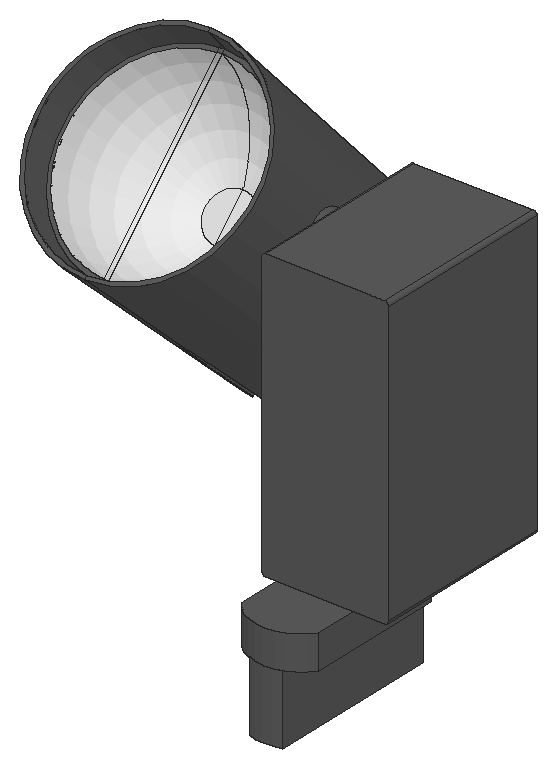
Revit family "0004836 Feilo Sylvania Lighting Fixture START TRACK SPOT S 14W 3K RA80 MB BLACK", category Lighting Fixtures, host Face, Revit 2017
Family settings
  Host = Face
  Round Connector Dimension = Use Diameter
  Part Type = Normal
  OmniClass Number = 23.80.70.00
  OmniClass Title = Lighting
  Cut with Voids When Loaded = No
  Light Source = No
  Shared = No
  Room Calculation Point = No
Parameters (values of type "0004836 START TRACK SPOT S 14W 3K RA80 MB BLACK")
  Weight = "0.94 kg"
  Wattage Comments = ""
  WarrantyStartDate [instance] = "n/a"
  WarrantyGuarantorParts = "n/a"
  WarrantyDurationUnit = "n/a"
  WarrantyDurationParts = "n/a"
  WarrantyDescription = "n/a"
  Voltage = 230 V
  URL = "http://www.sylvania-lighting.com"
  TypeName = "START TRACK SPOT S 14W 3K RA80 MB BLACK"
  TypeHead_FEILO = Start Track Spot Head : 0004836 START TRACK SPOT S 14W 3K RA80 MB BLACK
  TypeBox_FEILO = Start Track Spot Box : Type Small Black
  Type Image = <None>
  Type Comments = "n/a"
  VerticalRotation_FEILO [instance] = 0.00°
  SlideEndAngle_FEILO [instance] = VerticalRotation_FEILO + 180.00°  # 180.00°
  SerialNumber [instance] = "n/a"
  Material_3_FEILO = none
  PowerFactor = 0.92
  PowerConsumption = "14 W"
  NominalLength = 0 mm
  NominalHeight = 200 mm
  NominalDepth = 140 mm
  Name = "START TRACK SPOT S 14W 3K RA80 MB BLACK"
  ModelReference = Name  # "START TRACK SPOT S 14W 3K RA80 MB BLACK"
  ModelNumber = "0004836"
  Model = Name  # "START TRACK SPOT S 14W 3K RA80 MB BLACK"
  Material = "adc12 aluminium housing, polycarbonate diffuser"
  ManufacturerName = "Feilo Sylvania"
  Manufacturer = "Feilo Sylvania"
  LuminousEfficacy = "108 lm/W"
  LuminaireType = ""
  LightOutputRatio = "100"
  LampsType = Lamp  # "LED"
  LampNominalLuminous = "1508 lm"
  LampMacAdamStep = "3"
  LampColourTemperature = "3000 K"
  LampColourRenderingIndex = "80"
  Lamp = "LED"
  Keynote = "16500"
  InstallationDate [instance] = "n/a"
  InputVoltage = "230-240V~"
  InputNominalFrequency = "50/60 Hz"
  IngressProtection = "IP20"
  ImpactProtectionIndex = "IK02"
  IfcExportType = "IfcLightFixtureType"
  IfcExportAs = "IfcLightFixtureType"
  HorizontalRotation_FEILO [instance] = 45.00°
  ExpectedLife = 50000
  ElectricShockClassification = "Class II"
  DurationUnit = "hours"
  DocumentationLiterature = "http://www.sylvania-lighting.com/product/en-int/products/0004836"
  DimmingControlOptions = "Non dimmable"
  Material_2_FEILO = none
  Description = "Integrated LED spotlight, Textured Black - RAL9005, compact and minimalist design, ideal for retail applications, die-cast aluminium body, passive cooling heatsink. Beam angle: 36°, color temperature: 3000K , total system power: 14W, total fixture output: 1508 lm, LOR: 100%, colour rendering: Ra: 80 typical, LED Chromaticity: 3 step MacAdam ellipse, lifetime: >50000 hours at L70B50, energy class: A++, A+, A, IR/UV free light source without heat radiation, operating voltage: 220-240V / 50-60Hz, drive current: 350mA, electronic driver, non-dimmable, power factor: 0.92, electrical protection: Class II, Global Track 3 Phase adapter suitable for Global trac 3-circuit tracks, ingress protection rating: IP20, suitable for internal environment only, horizontal rotation: 355°, vertical tilt: 90°, dimensions: Ø86x140x200, weight: 0.940kg."
  Default Elevation = 1219.2 mm
  CreatedOn = "12/12/2017"
  CreatedBy = ""
  Cost = 0
  built-in parameter 1114216 [instance] = (empty or 0)
  ClassificationValue = "EF_70_80"
  ClassificationName = "Uniclass2015"
  Material_1_FEILO = Body-Sylvania-StartTrackSpot-Black
  BarCode [instance] = "n/a"
  AssetType = "Fixed"
  AssetIdentifier [instance] = "n/a"
  Assembly Code = "D5020200"
  Apparent Load = 14 VA
  Material_4_FEILO = none
Reference planes
  plane 1 "Center (Front/Back)": y = 0
  plane 2: z = 0
  plane 3 "Center (Left/Right)": x = 0
  plane 4: x = 15
  plane 5: x = -15
  plane 6: y = 35
  plane 7: y = -35
  plane 8: z = 13
  plane 9: z = -27
  plane 10: x = 6.5
  plane 11: x = -6.5
  plane 12: y = 27
  plane 13: y = -27
  plane 14: y = 20
Forms (mm)
  Extrusion 1, solid, material "Body-Sylvania-StartTrackSpot-Black" <- "Material_1_FEILO"
    sketch origin (0, 0, 0) x (1, 0, 0) y (0, 1, 0)
      loop
        line (-15, 27) -> (-15, -27)
        arc (-15, -27) -> (0, -35) -> (15, -27) r 18.062
        line (15, -27) -> (15, 27)
        arc (15, 27) -> (0, 35) -> (-15, 27) r 18.062
    from 0 to 13
  Extrusion 2, solid, material "Body-Sylvania-StartTrackSpot-Black" <- "Material_1_FEILO"
    sketch origin (0, 0, 0) x (1, 0, 0) y (0, 1, 0)
      loop
        arc (6.5, 33.79) -> (0, 35) -> (-6.5, 33.79) r 18.062
        line (-6.5, 33.79) -> (-6.5, -33.79)
        arc (-6.5, -33.79) -> (0, -35) -> (6.5, -33.79) r 18.062
        line (6.5, -33.79) -> (6.5, 33.79)
    from 0 to -27
  Revolve 3, solid, not visible
    sketch origin (1524, 20, 1219.2) x (1, 0, 0) y (0, 0, 1)
      loop
        line (-1524, -1206.2) -> (-1524, -1191.285) -> (-1530.5, -1191.285) -> (-1530.5, -1206.2) -> (-1524, -1206.2)
      axis (-1524, -1191.285) -> (-1524, -1206.2)
    angle from 0 <- "VerticalRotation_FEILO" to 180 <- "SlideEndAngle_FEILO"
Cuts and joins
  joined: Extrusion 1, Extrusion 2
Dimensions and locks
  equal spacing: plane 10, plane 3 "Center (Left/Right)", plane 11
  equal spacing: plane 4, plane 3 "Center (Left/Right)", plane 5
  locked: plane 8 to plane 2 at 13
  locked: plane 8 to plane 9 at 40
  equal spacing: plane 13, plane 1 "Center (Front/Back)", plane 12
  locked: plane 12 to plane 6 at 8
  locked: plane 14 to plane 6 at 15
  locked: Revolve 3 sketch curve to plane 8 at 14.915
  aligned and locked: plane 2 to host face
  aligned and locked: level to host face
  aligned and locked: plane 5 to Extrusion 1 sketch curve  (x2)
  aligned and locked: plane 12 to Extrusion 1 sketch curve
  aligned and locked: plane 13 to Extrusion 1 sketch curve
  aligned and locked: plane 4 to Extrusion 1 sketch curve
  aligned and locked: Extrusion 1 to plane 8
  aligned and locked: Extrusion 1 to level
  aligned and locked: Extrusion 2 sketch curve to Extrusion 1  (x2)
  aligned and locked: Extrusion 2 sketch curve to plane 11
  aligned and locked: plane 10 to Extrusion 2 sketch curve
  aligned and locked: plane 9 to Extrusion 2
  aligned and locked: level to Extrusion 2
  aligned and locked: Revolve 3 sketch curve to plane 3 "Center (Left/Right)"  (x2)
  aligned and locked: plane 11 to Revolve 3 sketch curve
  aligned and locked: Revolve 3 sketch curve to plane 8
Automatic sketch dimensions
  host sketch curve to host sketch curve = 2438.4 mm  (x2)
  Extrusion 1 sketch curve to plane 3 "Center (Left/Right)" = 0 mm  (x2)
  Extrusion 1 sketch curve to plane 13 = 10.062 mm
  plane 12 to Extrusion 1 sketch curve = 10.062 mm
  Revolve 3 sketch curve to plane 3 "Center (Left/Right)" = 0 mm
  plane 9 to Revolve 3 sketch curve = 582.6 mm
  Revolve 3 sketch curve to Revolve 3 sketch curve = 2581.144 mm
Nested families
  nested 1: "Start Track Spot Head" at (-62, 20, 112.529) x (0, 0.7071, 0.7071) z (0, 0.7071, -0.7071), type <- "TypeHead_FEILO", type "0004836 START TRACK SPOT S 14W 3K RA80 MB BLACK"
    with built-in parameter 1114216 (empty or 0)
  nested 2: "Start Track Spot Box" at (8.5, 20, 73) x (-1, 0, 0) z (0, -1, 0), BoxStartAngle_FEILO <- "HorizontalRotation_FEILO", type <- "TypeBox_FEILO", type "Type Small Black"
    with BoxStartAngle_FEILO 45.00°, BoxEndAngle_FEILO -135.00°
Connectors
  electrical at (0, 0, 0), driven by "Apparent Load", driven by "PowerFactor", driven by "Voltage"
    settings: index 1, voltage 230 V, apparent load 14 VA, apparent load phase1 0 VA, apparent load phase2 0 VA, apparent load phase3 0 VA, power factor 0.92, load classification "Lighting", number of poles 1, system type 30, power factor state 1, is connector primary yes, connector utility no, sub classification motor no, connector description ""
Definition of nested family "Start Track Spot Head"
  Parameters (values of type "0004811 START TRACK SPOT S 14W 3K RA80 NB WHITE")
    Wattage Comments = "n/a"
    Wattage = 14 W
    built-in parameter 1150110 = 1 (stored number, unit not read)
    URL = "http://www.feilosylvania.com"
    Type Image = (empty or 0)
    Type Comments = "n/a"
    built-in parameter 1114217 = 1 (stored number, unit not read)
    Tilt Angle = -90.00°
    built-in parameter 1150109 = 1 (stored number, unit not read)
    built-in parameter 1150134 = (empty or 0)
    built-in parameter 1150113 = 1 (stored number, unit not read)
    Photometric Web File = "0004811.ies"
    Material_3_FEILO = none
    Model = "START TRACK SPOT S 14W 3K RA80 NB WHITE"
    Manufacturer = "Feilo Sylvania"
    built-in parameter 1150105 = 123.66 (stored number, unit not read)
    Lumens = 1554 lm
    built-in parameter 1150115 = 1 (stored number, unit not read)
    built-in parameter 1150137 = (empty or 0)
    built-in parameter 1150139 = (empty or 0)
    built-in parameter 1150112 = 1 (stored number, unit not read)
    built-in parameter 1150114 = 1 (stored number, unit not read)
    Lamp = "LED"
    Keynote = "16500"
    Material_2_FEILO = none
    built-in parameter 1150132 = (empty or 0)
    built-in parameter 1150102 = (empty or 0)
    built-in parameter 1150107 = 3000 (stored number, unit not read)
    built-in parameter 1150138 = (empty or 0)
    built-in parameter 1150106 = 1.2366 (stored number, unit not read)
    HeadThickness_FEILO = if(HeadDiaOut_FEILO > 112 mm, 2 mm, 1.5 mm)  # 1.5 mm
    HeadRibOffset_FEILO = HeadHeight_FEILO / 28  # 4.179 mm
    HeadRibDepth_FEILO = HeadHeight_FEILO / 2.1  # 55.714 mm
    HeadRibCutWidth_FEILO = HeadDiaOut_FEILO / 12  # 7.167 mm
    HeadRibCutOffset_FEILO = HeadHeight_FEILO / 2.3  # 50.87 mm
    HeadReflectorRadius_FEILO = HeadDiaOut_FEILO / 1.7  # 50.588 mm
    HeadReflectorOffset_FEILO = HeadHeight_FEILO / 2.1  # 55.714 mm
    HeadLEDRadius_FEILO = HeadDiaOut_FEILO / 9  # 9.556 mm
    HeadHeight_FEILO = 117 mm
    HeadDraft_FEILO = 1 mm
    HeadDiffusorThickness_FEILO = 3 mm
    HeadDiffusorOffset_FEILO = HeadHeight_FEILO / 12.4  # 9.435 mm
    HeadDiaOut_FEILO = 86 mm
    HeadDiaIn_FEILO = HeadDiaOut_FEILO / 1.11  # 77.477 mm
    HeadAxisFromTop_FEILO = HeadHeight_FEILO / 1.687  # 69.354 mm
    Emit from Circle Diameter = HeadDiaIn_FEILO  # 77.477 mm
    Emit Shape Visible in Rendering = no
    built-in parameter 1150104 = 10.312 (stored number, unit not read)
    Dimming Lamp Color Temperature Shift = (empty or 0)
    Description = "Integrated LED spotlight, Textured White - RAL9016, compact and minimalist design, ideal for retail applications, die-cast aluminium body, passive cooling heatsink. Beam angle: 12°, color temperature: 3000K , total system power: 14W, total fixture output: 1551 lm, LOR: 100%, colour rendering: Ra: 80 typical, LED Chromaticity: 3 step MacAdam ellipse, lifetime: >50000 hours at L70B50, energy class: A++, A+, A, IR/UV free light source without heat radiation, operating voltage: 220-240V / 50-60Hz, drive current: 350mA, electronic driver, non-dimmable, power factor: 0.92, electrical protection: Class II, Global Track 3 Phase adapter suitable for Global trac 3-circuit tracks, ingress protection rating: IP20, suitable for internal environment only, horizontal rotation: 355°, vertical tilt: 90°, dimensions: Ø86x140x200, weight: 0.940kg."
    Default Elevation = 1219.2 mm
    Cost = 0
    Color Filter = 16777215
    built-in parameter 1114216 [instance] = (empty or 0)
    Material_1_FEILO = none
    built-in parameter 1114218 = 1 (stored number, unit not read)
    built-in parameter 1150133 = 10 (stored number, unit not read)
    Assembly Code = "D5020200"
    Apparent Load = 14 VA
    Material_4_FEILO = none
  Types (96, lengths in mm): name | Wattage | built-in parameter 1150134 | Photometric Web File | Model | built-in parameter 1150105 | Lumens | built-in parameter 1150107 | built-in parameter 1150106 | HeadThickness_FEILO | HeadRibOffset_FEILO | HeadRibDepth_FEILO | HeadRibCutWidth_FEILO | HeadRibCutOffset_FEILO | HeadReflectorRadius_FEILO | HeadReflectorOffset_FEILO | HeadLEDRadius_FEILO | HeadHeight_FEILO | HeadDiffusorOffset_FEILO | HeadDiaOut_FEILO | HeadDiaIn_FEILO | HeadAxisFromTop_FEILO | Emit from Circle Diameter | built-in parameter 1150104 | Description | Apparent Load
    0004906 START TRACK SPOT L 55W 4K RA90 WB BLACK | 55 W | 12 | "0004906.ies" | "START TRACK SPOT L 55W 4K RA90 WB BLACK" | 385.15 (stored number, unit not read) | 4840 lm | 4000 (stored number, unit not read) | 3.8515 (stored number, unit not read) | 2 | 4.429 | 59.048 | 9.417 | 53.913 | 66.471 | 59.048 | 12.556 | 124 | 10 | 113 | 101.802 | 73.503 | 101.802 | 8.1755 (stored number, unit not read) | "Integrated LED spotlight, Textured Black - RAL9005, compact and minimalist design, ideal for retail applications, die-cast aluminium body, passive cooling heatsink. Beam angle: 52°, color temperature: 4000K , total system power: 55W, total fixture output: 4824 lm, LOR: 100%, colour rendering: Ra: 90 typical, LED Chromaticity: 3 step MacAdam ellipse, lifetime: >50000 hours at L70B50, energy class: A++, A+, A, IR/UV free light source without heat radiation, operating voltage: 220-240V / 50-60Hz, drive current: 1400mA, electronic driver, non-dimmable, power factor: 0.96, electrical protection: Class II, Global Track 3 Phase adapter suitable for Global trac 3-circuit tracks, ingress protection rating: IP20, suitable for internal environment only, horizontal rotation: 355°, vertical tilt: 90°, dimensions: Ø113x164x240, weight: 1.398kg." | 55 VA
    0004905 START TRACK SPOT L 55W 4K RA90 MB BLACK | 55 W | 12 | "0004905.ies" | "START TRACK SPOT L 55W 4K RA90 MB BLACK" | 389.53 (stored number, unit not read) | 4895 lm | 4000 (stored number, unit not read) | 3.8953 (stored number, unit not read) | 2 | 4.429 | 59.048 | 9.417 | 53.913 | 66.471 | 59.048 | 12.556 | 124 | 10 | 113 | 101.802 | 73.503 | 101.802 | 8.2684 (stored number, unit not read) | "Integrated LED spotlight, Textured Black - RAL9005, compact and minimalist design, ideal for retail applications, die-cast aluminium body, passive cooling heatsink. Beam angle: 38°, color temperature: 4000K , total system power: 55W, total fixture output: 4897 lm, LOR: 100%, colour rendering: Ra: 90 typical, LED Chromaticity: 3 step MacAdam ellipse, lifetime: >50000 hours at L70B50, energy class: A++, A+, A, IR/UV free light source without heat radiation, operating voltage: 220-240V / 50-60Hz, drive current: 1400mA, electronic driver, non-dimmable, power factor: 0.96, electrical protection: Class II, Global Track 3 Phase adapter suitable for Global trac 3-circuit tracks, ingress protection rating: IP20, suitable for internal environment only, horizontal rotation: 355°, vertical tilt: 90°, dimensions: Ø113x164x240, weight: 1.398kg." | 55 VA
    0004904 START TRACK SPOT L 55W 4K RA90 NB BLACK | 55 W | 12 | "0004904.ies" | "START TRACK SPOT L 55W 4K RA90 NB BLACK" | 393.91 (stored number, unit not read) | 4950 lm | 4000 (stored number, unit not read) | 3.9391 (stored number, unit not read) | 2 | 4.429 | 59.048 | 9.417 | 53.913 | 66.471 | 59.048 | 12.556 | 124 | 10 | 113 | 101.802 | 73.503 | 101.802 | 8.3613 (stored number, unit not read) | "Integrated LED spotlight, Textured Black - RAL9005, compact and minimalist design, ideal for retail applications, die-cast aluminium body, passive cooling heatsink. Beam angle: 15°, color temperature: 4000K , total system power: 55W, total fixture output: 4965 lm, LOR: 100%, colour rendering: Ra: 90 typical, LED Chromaticity: 3 step MacAdam ellipse, lifetime: >50000 hours at L70B50, energy class: A++, A+, A, IR/UV free light source without heat radiation, operating voltage: 220-240V / 50-60Hz, drive current: 1400mA, electronic driver, non-dimmable, power factor: 0.96, electrical protection: Class II, Global Track 3 Phase adapter suitable for Global trac 3-circuit tracks, ingress protection rating: IP20, suitable for internal environment only, horizontal rotation: 355°, vertical tilt: 90°, dimensions: Ø113x164x240, weight: 1.398kg." | 55 VA
    0004903 START TRACK SPOT L 35W 4K RA90 WB BLACK | 35 W | 12 | "0004903.ies" | "START TRACK SPOT L 35W 4K RA90 WB BLACK" | 284.09 (stored number, unit not read) | 3570 lm | 4000 (stored number, unit not read) | 2.8409 (stored number, unit not read) | 2 | 4.429 | 59.048 | 9.417 | 53.913 | 66.471 | 59.048 | 12.556 | 124 | 10 | 113 | 101.802 | 73.503 | 101.802 | 9.4761 (stored number, unit not read) | "Integrated LED spotlight, Textured Black - RAL9005, compact and minimalist design, ideal for retail applications, die-cast aluminium body, passive cooling heatsink. Beam angle: 52°, color temperature: 4000K , total system power: 35W, total fixture output: 3562 lm, LOR: 100%, colour rendering: Ra: 90 typical, LED Chromaticity: 3 step MacAdam ellipse, lifetime: >50000 hours at L70B50, energy class: A++, A+, A, IR/UV free light source without heat radiation, operating voltage: 220-240V / 50-60Hz, drive current: 900mA, electronic driver, non-dimmable, power factor: 0.93, electrical protection: Class II, Global Track 3 Phase adapter suitable for Global trac 3-circuit tracks, ingress protection rating: IP20, suitable for internal environment only, horizontal rotation: 355°, vertical tilt: 90°, dimensions: Ø113x164x240, weight: 1.368kg." | 35 VA
    0004902 START TRACK SPOT L 35W 4K RA90 MB BLACK | 35 W | 12 | "0004902.ies" | "START TRACK SPOT L 35W 4K RA90 MB BLACK" | 286.88 (stored number, unit not read) | 3605 lm | 4000 (stored number, unit not read) | 2.8688 (stored number, unit not read) | 2 | 4.429 | 59.048 | 9.417 | 53.913 | 66.471 | 59.048 | 12.556 | 124 | 10 | 113 | 101.802 | 73.503 | 101.802 | 9.569 (stored number, unit not read) | "Integrated LED spotlight, Textured Black - RAL9005, compact and minimalist design, ideal for retail applications, die-cast aluminium body, passive cooling heatsink. Beam angle: 38°, color temperature: 4000K , total system power: 35W, total fixture output: 3616 lm, LOR: 100%, colour rendering: Ra: 90 typical, LED Chromaticity: 3 step MacAdam ellipse, lifetime: >50000 hours at L70B50, energy class: A++, A+, A, IR/UV free light source without heat radiation, operating voltage: 220-240V / 50-60Hz, drive current: 900mA, electronic driver, non-dimmable, power factor: 0.93, electrical protection: Class II, Global Track 3 Phase adapter suitable for Global trac 3-circuit tracks, ingress protection rating: IP20, suitable for internal environment only, horizontal rotation: 355°, vertical tilt: 90°, dimensions: Ø113x164x240, weight: 1.368kg." | 35 VA
    0004901 START TRACK SPOT L 35W 4K RA90 NB BLACK | 35 W | 12 | "0004901.ies" | "START TRACK SPOT L 35W 4K RA90 NB BLACK" | 286.88 (stored number, unit not read) | 3605 lm | 4000 (stored number, unit not read) | 2.8688 (stored number, unit not read) | 2 | 4.429 | 59.048 | 9.417 | 53.913 | 66.471 | 59.048 | 12.556 | 124 | 10 | 113 | 101.802 | 73.503 | 101.802 | 9.569 (stored number, unit not read) | "Integrated LED spotlight, Textured Black - RAL9005, compact and minimalist design, ideal for retail applications, die-cast aluminium body, passive cooling heatsink. Beam angle: 15°, color temperature: 4000K , total system power: 35W, total fixture output: 3593 lm, LOR: 100%, colour rendering: Ra: 90 typical, LED Chromaticity: 3 step MacAdam ellipse, lifetime: >50000 hours at L70B50, energy class: A++, A+, A, IR/UV free light source without heat radiation, operating voltage: 220-240V / 50-60Hz, drive current: 900mA, electronic driver, non-dimmable, power factor: 0.93, electrical protection: Class II, Global Track 3 Phase adapter suitable for Global trac 3-circuit tracks, ingress protection rating: IP20, suitable for internal environment only, horizontal rotation: 355°, vertical tilt: 90°, dimensions: Ø113x164x240, weight: 1.368kg." | 35 VA
    0004900 START TRACK SPOT S 24W 4K RA90 WB BLACK | 24 W | 12 | "0004900.ies" | "START TRACK SPOT S 24W 4K RA90 WB BLACK" | 166.16 (stored number, unit not read) | 2088 lm | 4000 (stored number, unit not read) | 1.6616 (stored number, unit not read) | 1.5 | 4.179 | 55.714 | 7.167 | 50.87 | 50.588 | 55.714 | 9.556 | 117 | 9.435 | 86 | 77.477 | 69.354 | 77.477 | 8.0826 (stored number, unit not read) | "Integrated LED spotlight, Textured Black - RAL9005, compact and minimalist design, ideal for retail applications, die-cast aluminium body, passive cooling heatsink. Beam angle: 64°, color temperature: 4000K , total system power: 24W, total fixture output: 2087 lm, LOR: 100%, colour rendering: Ra: 90 typical, LED Chromaticity: 3 step MacAdam ellipse, lifetime: >50000 hours at L70B50, energy class: A++, A+, A, IR/UV free light source without heat radiation, operating voltage: 220-240V / 50-60Hz, drive current: 600mA, electronic driver, non-dimmable, power factor: 0.95, electrical protection: Class II, Global Track 3 Phase adapter suitable for Global trac 3-circuit tracks, ingress protection rating: IP20, suitable for internal environment only, horizontal rotation: 355°, vertical tilt: 90°, dimensions: Ø86x140x200, weight: 0.966kg." | 24 VA
    0004899 START TRACK SPOT S 24W 4K RA90 MB BLACK | 24 W | 12 | "0004899.ies" | "START TRACK SPOT S 24W 4K RA90 MB BLACK" | 169.98 (stored number, unit not read) | 2136 lm | 4000 (stored number, unit not read) | 1.6998 (stored number, unit not read) | 1.5 | 4.179 | 55.714 | 7.167 | 50.87 | 50.588 | 55.714 | 9.556 | 117 | 9.435 | 86 | 77.477 | 69.354 | 77.477 | 8.2684 (stored number, unit not read) | "Integrated LED spotlight, Textured Black - RAL9005, compact and minimalist design, ideal for retail applications, die-cast aluminium body, passive cooling heatsink. Beam angle: 36°, color temperature: 4000K , total system power: 24W, total fixture output: 2141 lm, LOR: 100%, colour rendering: Ra: 90 typical, LED Chromaticity: 3 step MacAdam ellipse, lifetime: >50000 hours at L70B50, energy class: A++, A+, A, IR/UV free light source without heat radiation, operating voltage: 220-240V / 50-60Hz, drive current: 600mA, electronic driver, non-dimmable, power factor: 0.95, electrical protection: Class II, Global Track 3 Phase adapter suitable for Global trac 3-circuit tracks, ingress protection rating: IP20, suitable for internal environment only, horizontal rotation: 355°, vertical tilt: 90°, dimensions: Ø86x140x200, weight: 0.966kg." | 24 VA
    0004898 START TRACK SPOT S 24W 4K RA90 NB BLACK | 24 W | 12 | "0004898.ies" | "START TRACK SPOT S 24W 4K RA90 NB BLACK" | 171.89 (stored number, unit not read) | 2160 lm | 4000 (stored number, unit not read) | 1.7189 (stored number, unit not read) | 1.5 | 4.179 | 55.714 | 7.167 | 50.87 | 50.588 | 55.714 | 9.556 | 117 | 9.435 | 86 | 77.477 | 69.354 | 77.477 | 8.3613 (stored number, unit not read) | "Integrated LED spotlight, Textured Black - RAL9005, compact and minimalist design, ideal for retail applications, die-cast aluminium body, passive cooling heatsink. Beam angle: 12°, color temperature: 4000K , total system power: 24W, total fixture output: 2155 lm, LOR: 100%, colour rendering: Ra: 90 typical, LED Chromaticity: 3 step MacAdam ellipse, lifetime: >50000 hours at L70B50, energy class: A++, A+, A, IR/UV free light source without heat radiation, operating voltage: 220-240V / 50-60Hz, drive current: 600mA, electronic driver, non-dimmable, power factor: 0.95, electrical protection: Class II, Global Track 3 Phase adapter suitable for Global trac 3-circuit tracks, ingress protection rating: IP20, suitable for internal environment only, horizontal rotation: 355°, vertical tilt: 90°, dimensions: Ø86x140x200, weight: 0.966kg." | 24 VA
    0004897 START TRACK SPOT S 14W 4K RA90 WB BLACK | 14 W | 12 | "0004897.ies" | "START TRACK SPOT S 14W 4K RA90 WB BLACK" | 108.07 (stored number, unit not read) | 1358 lm | 4000 (stored number, unit not read) | 1.0807 (stored number, unit not read) | 1.5 | 4.179 | 55.714 | 7.167 | 50.87 | 50.588 | 55.714 | 9.556 | 117 | 9.435 | 86 | 77.477 | 69.354 | 77.477 | 9.0116 (stored number, unit not read) | "Integrated LED spotlight, Textured Black - RAL9005, compact and minimalist design, ideal for retail applications, die-cast aluminium body, passive cooling heatsink. Beam angle: 64°, color temperature: 4000K , total system power: 14W, total fixture output: 1352 lm, LOR: 100%, colour rendering: Ra: 90 typical, LED Chromaticity: 3 step MacAdam ellipse, lifetime: >50000 hours at L70B50, energy class: A++, A+, A, IR/UV free light source without heat radiation, operating voltage: 220-240V / 50-60Hz, drive current: 350mA, electronic driver, non-dimmable, power factor: 0.92, electrical protection: Class II, Global Track 3 Phase adapter suitable for Global trac 3-circuit tracks, ingress protection rating: IP20, suitable for internal environment only, horizontal rotation: 355°, vertical tilt: 90°, dimensions: Ø86x140x200, weight: 0.940kg." | 14 VA
    0004896 START TRACK SPOT S 14W 4K RA90 MB BLACK | 14 W | 12 | "0004896.ies" | "START TRACK SPOT S 14W 4K RA90 MB BLACK" | 108.07 (stored number, unit not read) | 1358 lm | 4000 (stored number, unit not read) | 1.0807 (stored number, unit not read) | 1.5 | 4.179 | 55.714 | 7.167 | 50.87 | 50.588 | 55.714 | 9.556 | 117 | 9.435 | 86 | 77.477 | 69.354 | 77.477 | 9.0116 (stored number, unit not read) | "Integrated LED spotlight, Textured Black - RAL9005, compact and minimalist design, ideal for retail applications, die-cast aluminium body, passive cooling heatsink. Beam angle: 36°, color temperature: 4000K , total system power: 14W, total fixture output: 1359 lm, LOR: 100%, colour rendering: Ra: 90 typical, LED Chromaticity: 3 step MacAdam ellipse, lifetime: >50000 hours at L70B50, energy class: A++, A+, A, IR/UV free light source without heat radiation, operating voltage: 220-240V / 50-60Hz, drive current: 350mA, electronic driver, non-dimmable, power factor: 0.92, electrical protection: Class II, Global Track 3 Phase adapter suitable for Global trac 3-circuit tracks, ingress protection rating: IP20, suitable for internal environment only, horizontal rotation: 355°, vertical tilt: 90°, dimensions: Ø86x140x200, weight: 0.940kg." | 14 VA
    0004895 START TRACK SPOT S 14W 4K RA90 NB BLACK | 14 W | 12 | "0004895.ies" | "START TRACK SPOT S 14W 4K RA90 NB BLACK" | 106.95 (stored number, unit not read) | 1344 lm | 4000 (stored number, unit not read) | 1.0695 (stored number, unit not read) | 1.5 | 4.179 | 55.714 | 7.167 | 50.87 | 50.588 | 55.714 | 9.556 | 117 | 9.435 | 86 | 77.477 | 69.354 | 77.477 | 8.9187 (stored number, unit not read) | "Integrated LED spotlight, Textured Black - RAL9005, compact and minimalist design, ideal for retail applications, die-cast aluminium body, passive cooling heatsink. Beam angle: 12°, color temperature: 4000K , total system power: 14W, total fixture output: 1349 lm, LOR: 100%, colour rendering: Ra: 90 typical, LED Chromaticity: 3 step MacAdam ellipse, lifetime: >50000 hours at L70B50, energy class: A++, A+, A, IR/UV free light source without heat radiation, operating voltage: 220-240V / 50-60Hz, drive current: 350mA, electronic driver, non-dimmable, power factor: 0.92, electrical protection: Class II, Global Track 3 Phase adapter suitable for Global trac 3-circuit tracks, ingress protection rating: IP20, suitable for internal environment only, horizontal rotation: 355°, vertical tilt: 90°, dimensions: Ø86x140x200, weight: 0.940kg." | 14 VA
    0004894 START TRACK SPOT L 55W 3K RA90 WB BLACK | 55 W | (empty or 0) | "0004894.ies" | "START TRACK SPOT L 55W 3K RA90 WB BLACK" | 350.14 (stored number, unit not read) | 4400 lm | 3000 (stored number, unit not read) | 3.5014 (stored number, unit not read) | 2 | 4.429 | 59.048 | 9.417 | 53.913 | 66.471 | 59.048 | 12.556 | 124 | 10 | 113 | 101.802 | 73.503 | 101.802 | 7.4322 (stored number, unit not read) | "Integrated LED spotlight, Textured Black - RAL9005, compact and minimalist design, ideal for retail applications, die-cast aluminium body, passive cooling heatsink. Beam angle: 52°, color temperature: 3000K , total system power: 55W, total fixture output: 4405 lm, LOR: 100%, colour rendering: Ra: 90 typical, LED Chromaticity: 3 step MacAdam ellipse, lifetime: >50000 hours at L70B50, energy class: A++, A+, A, IR/UV free light source without heat radiation, operating voltage: 220-240V / 50-60Hz, drive current: 1400mA, electronic driver, non-dimmable, power factor: 0.96, electrical protection: Class II, Global Track 3 Phase adapter suitable for Global trac 3-circuit tracks, ingress protection rating: IP20, suitable for internal environment only, horizontal rotation: 355°, vertical tilt: 90°, dimensions: Ø113x164x240, weight: 1.398kg." | 55 VA
    0004893 START TRACK SPOT L 55W 3K RA90 MB BLACK | 55 W | (empty or 0) | "0004893.ies" | "START TRACK SPOT L 55W 3K RA90 MB BLACK" | 354.52 (stored number, unit not read) | 4455 lm | 3000 (stored number, unit not read) | 3.5452 (stored number, unit not read) | 2 | 4.429 | 59.048 | 9.417 | 53.913 | 66.471 | 59.048 | 12.556 | 124 | 10 | 113 | 101.802 | 73.503 | 101.802 | 7.5251 (stored number, unit not read) | "Integrated LED spotlight, Textured Black - RAL9005, compact and minimalist design, ideal for retail applications, die-cast aluminium body, passive cooling heatsink. Beam angle: 38°, color temperature: 3000K , total system power: 55W, total fixture output: 4448 lm, LOR: 100%, colour rendering: Ra: 90 typical, LED Chromaticity: 3 step MacAdam ellipse, lifetime: >50000 hours at L70B50, energy class: A++, A+, A, IR/UV free light source without heat radiation, operating voltage: 220-240V / 50-60Hz, drive current: 1400mA, electronic driver, non-dimmable, power factor: 0.96, electrical protection: Class II, Global Track 3 Phase adapter suitable for Global trac 3-circuit tracks, ingress protection rating: IP20, suitable for internal environment only, horizontal rotation: 355°, vertical tilt: 90°, dimensions: Ø113x164x240, weight: 1.398kg." | 55 VA
    0004892 START TRACK SPOT L 55W 3K RA90 NB BLACK | 55 W | (empty or 0) | "0004892.ies" | "START TRACK SPOT L 55W 3K RA90 NB BLACK" | 350.14 (stored number, unit not read) | 4400 lm | 3000 (stored number, unit not read) | 3.5014 (stored number, unit not read) | 2 | 4.429 | 59.048 | 9.417 | 53.913 | 66.471 | 59.048 | 12.556 | 124 | 10 | 113 | 101.802 | 73.503 | 101.802 | 7.4322 (stored number, unit not read) | "Integrated LED spotlight, Textured Black - RAL9005, compact and minimalist design, ideal for retail applications, die-cast aluminium body, passive cooling heatsink. Beam angle: 15°, color temperature: 3000K , total system power: 55W, total fixture output: 4416 lm, LOR: 100%, colour rendering: Ra: 90 typical, LED Chromaticity: 3 step MacAdam ellipse, lifetime: >50000 hours at L70B50, energy class: A++, A+, A, IR/UV free light source without heat radiation, operating voltage: 220-240V / 50-60Hz, drive current: 1400mA, electronic driver, non-dimmable, power factor: 0.96, electrical protection: Class II, Global Track 3 Phase adapter suitable for Global trac 3-circuit tracks, ingress protection rating: IP20, suitable for internal environment only, horizontal rotation: 355°, vertical tilt: 90°, dimensions: Ø113x164x240, weight: 1.398kg." | 55 VA
    0004891 START TRACK SPOT L 35W 3K RA90 WB BLACK | 35 W | (empty or 0) | "0004891.ies" | "START TRACK SPOT L 35W 3K RA90 WB BLACK" | 259.02 (stored number, unit not read) | 3255 lm | 3000 (stored number, unit not read) | 2.5902 (stored number, unit not read) | 2 | 4.429 | 59.048 | 9.417 | 53.913 | 66.471 | 59.048 | 12.556 | 124 | 10 | 113 | 101.802 | 73.503 | 101.802 | 8.64 (stored number, unit not read) | "Integrated LED spotlight, Textured Black - RAL9005, compact and minimalist design, ideal for retail applications, die-cast aluminium body, passive cooling heatsink. Beam angle: 52°, color temperature: 3000K , total system power: 35W, total fixture output: 3260 lm, LOR: 100%, colour rendering: Ra: 90 typical, LED Chromaticity: 3 step MacAdam ellipse, lifetime: >50000 hours at L70B50, energy class: A++, A+, A, IR/UV free light source without heat radiation, operating voltage: 220-240V / 50-60Hz, drive current: 900mA, electronic driver, non-dimmable, power factor: 0.93, electrical protection: Class II, Global Track 3 Phase adapter suitable for Global trac 3-circuit tracks, ingress protection rating: IP20, suitable for internal environment only, horizontal rotation: 355°, vertical tilt: 90°, dimensions: Ø113x164x240, weight: 1.368kg." | 35 VA
    0004890 START TRACK SPOT L 35W 3K RA90 MB BLACK | 35 W | (empty or 0) | "0004890.ies" | "START TRACK SPOT L 35W 3K RA90 MB BLACK" | 261.81 (stored number, unit not read) | 3290 lm | 3000 (stored number, unit not read) | 2.6181 (stored number, unit not read) | 2 | 4.429 | 59.048 | 9.417 | 53.913 | 66.471 | 59.048 | 12.556 | 124 | 10 | 113 | 101.802 | 73.503 | 101.802 | 8.7329 (stored number, unit not read) | "Integrated LED spotlight, Textured Black - RAL9005, compact and minimalist design, ideal for retail applications, die-cast aluminium body, passive cooling heatsink. Beam angle: 38°, color temperature: 3000K , total system power: 35W, total fixture output: 3306 lm, LOR: 100%, colour rendering: Ra: 90 typical, LED Chromaticity: 3 step MacAdam ellipse, lifetime: >50000 hours at L70B50, energy class: A++, A+, A, IR/UV free light source without heat radiation, operating voltage: 220-240V / 50-60Hz, drive current: 900mA, electronic driver, non-dimmable, power factor: 0.93, electrical protection: Class II, Global Track 3 Phase adapter suitable for Global trac 3-circuit tracks, ingress protection rating: IP20, suitable for internal environment only, horizontal rotation: 355°, vertical tilt: 90°, dimensions: Ø113x164x240, weight: 1.368kg." | 35 VA
    0004889 START TRACK SPOT L 35W 3K RA90 NB BLACK | 35 W | (empty or 0) | "0004889.ies" | "START TRACK SPOT L 35W 3K RA90 NB BLACK" | 261.81 (stored number, unit not read) | 3290 lm | 3000 (stored number, unit not read) | 2.6181 (stored number, unit not read) | 2 | 4.429 | 59.048 | 9.417 | 53.913 | 66.471 | 59.048 | 12.556 | 124 | 10 | 113 | 101.802 | 73.503 | 101.802 | 8.7329 (stored number, unit not read) | "Integrated LED spotlight, Textured Black - RAL9005, compact and minimalist design, ideal for retail applications, die-cast aluminium body, passive cooling heatsink. Beam angle: 15°, color temperature: 3000K , total system power: 35W, total fixture output: 3287 lm, LOR: 100%, colour rendering: Ra: 90 typical, LED Chromaticity: 3 step MacAdam ellipse, lifetime: >50000 hours at L70B50, energy class: A++, A+, A, IR/UV free light source without heat radiation, operating voltage: 220-240V / 50-60Hz, drive current: 900mA, electronic driver, non-dimmable, power factor: 0.93, electrical protection: Class II, Global Track 3 Phase adapter suitable for Global trac 3-circuit tracks, ingress protection rating: IP20, suitable for internal environment only, horizontal rotation: 355°, vertical tilt: 90°, dimensions: Ø113x164x240, weight: 1.368kg." | 35 VA
    0004888 START TRACK SPOT S 24W 3K RA90 WB BLACK | 24 W | (empty or 0) | "0004888.ies" | "START TRACK SPOT S 24W 3K RA90 WB BLACK" | 152.79 (stored number, unit not read) | 1920 lm | 3000 (stored number, unit not read) | 1.5279 (stored number, unit not read) | 1.5 | 4.179 | 55.714 | 7.167 | 50.87 | 50.588 | 55.714 | 9.556 | 117 | 9.435 | 86 | 77.477 | 69.354 | 77.477 | 7.4322 (stored number, unit not read) | "Integrated LED spotlight, Textured Black - RAL9005, compact and minimalist design, ideal for retail applications, die-cast aluminium body, passive cooling heatsink. Beam angle: 64°, color temperature: 3000K , total system power: 24W, total fixture output: 1928 lm, LOR: 100%, colour rendering: Ra: 90 typical, LED Chromaticity: 3 step MacAdam ellipse, lifetime: >50000 hours at L70B50, energy class: A++, A+, A, IR/UV free light source without heat radiation, operating voltage: 220-240V / 50-60Hz, drive current: 600mA, electronic driver, non-dimmable, power factor: 0.95, electrical protection: Class II, Global Track 3 Phase adapter suitable for Global trac 3-circuit tracks, ingress protection rating: IP20, suitable for internal environment only, horizontal rotation: 355°, vertical tilt: 90°, dimensions: Ø86x140x200, weight: 0.966kg." | 24 VA
    0004887 START TRACK SPOT S 24W 3K RA90 MB BLACK | 24 W | (empty or 0) | "0004887.ies" | "START TRACK SPOT S 24W 3K RA90 MB BLACK" | 154.7 (stored number, unit not read) | 1944 lm | 3000 (stored number, unit not read) | 1.547 (stored number, unit not read) | 1.5 | 4.179 | 55.714 | 7.167 | 50.87 | 50.588 | 55.714 | 9.556 | 117 | 9.435 | 86 | 77.477 | 69.354 | 77.477 | 7.5251 (stored number, unit not read) | "Integrated LED spotlight, Textured Black - RAL9005, compact and minimalist design, ideal for retail applications, die-cast aluminium body, passive cooling heatsink. Beam angle: 36°, color temperature: 3000K , total system power: 24W, total fixture output: 1944 lm, LOR: 100%, colour rendering: Ra: 90 typical, LED Chromaticity: 3 step MacAdam ellipse, lifetime: >50000 hours at L70B50, energy class: A++, A+, A, IR/UV free light source without heat radiation, operating voltage: 220-240V / 50-60Hz, drive current: 600mA, electronic driver, non-dimmable, power factor: 0.95, electrical protection: Class II, Global Track 3 Phase adapter suitable for Global trac 3-circuit tracks, ingress protection rating: IP20, suitable for internal environment only, horizontal rotation: 355°, vertical tilt: 90°, dimensions: Ø86x140x200, weight: 0.966kg." | 24 VA
    0004886 START TRACK SPOT S 24W 3K RA90 NB BLACK | 24 W | (empty or 0) | "0004886.ies" | "START TRACK SPOT S 24W 3K RA90 NB BLACK" | 158.52 (stored number, unit not read) | 1992 lm | 3000 (stored number, unit not read) | 1.5852 (stored number, unit not read) | 1.5 | 4.179 | 55.714 | 7.167 | 50.87 | 50.588 | 55.714 | 9.556 | 117 | 9.435 | 86 | 77.477 | 69.354 | 77.477 | 7.711 (stored number, unit not read) | "Integrated LED spotlight, Textured Black - RAL9005, compact and minimalist design, ideal for retail applications, die-cast aluminium body, passive cooling heatsink. Beam angle: 12°, color temperature: 3000K , total system power: 24W, total fixture output: 1987 lm, LOR: 100%, colour rendering: Ra: 90 typical, LED Chromaticity: 3 step MacAdam ellipse, lifetime: >50000 hours at L70B50, energy class: A++, A+, A, IR/UV free light source without heat radiation, operating voltage: 220-240V / 50-60Hz, drive current: 600mA, electronic driver, non-dimmable, power factor: 0.95, electrical protection: Class II, Global Track 3 Phase adapter suitable for Global trac 3-circuit tracks, ingress protection rating: IP20, suitable for internal environment only, horizontal rotation: 355°, vertical tilt: 90°, dimensions: Ø86x140x200, weight: 0.966kg." | 24 VA
    0004885 START TRACK SPOT S 14W 3K RA90 WB BLACK | 14 W | (empty or 0) | "0004885.ies" | "START TRACK SPOT S 14W 3K RA90 WB BLACK" | 100.27 (stored number, unit not read) | 1260 lm | 3000 (stored number, unit not read) | 1.0027 (stored number, unit not read) | 1.5 | 4.179 | 55.714 | 7.167 | 50.87 | 50.588 | 55.714 | 9.556 | 117 | 9.435 | 86 | 77.477 | 69.354 | 77.477 | 8.3613 (stored number, unit not read) | "Integrated LED spotlight, Textured Black - RAL9005, compact and minimalist design, ideal for retail applications, die-cast aluminium body, passive cooling heatsink. Beam angle: 64°, color temperature: 3000K , total system power: 14W, total fixture output: 1262 lm, LOR: 100%, colour rendering: Ra: 90 typical, LED Chromaticity: 3 step MacAdam ellipse, lifetime: >50000 hours at L70B50, energy class: A++, A+, A, IR/UV free light source without heat radiation, operating voltage: 220-240V / 50-60Hz, drive current: 350mA, electronic driver, non-dimmable, power factor: 0.92, electrical protection: Class II, Global Track 3 Phase adapter suitable for Global trac 3-circuit tracks, ingress protection rating: IP20, suitable for internal environment only, horizontal rotation: 355°, vertical tilt: 90°, dimensions: Ø86x140x200, weight: 0.940kg." | 14 VA
    0004884 START TRACK SPOT S 14W 3K RA90 MB BLACK | 14 W | (empty or 0) | "0004884.ies" | "START TRACK SPOT S 14W 3K RA90 MB BLACK" | 100.27 (stored number, unit not read) | 1260 lm | 3000 (stored number, unit not read) | 1.0027 (stored number, unit not read) | 1.5 | 4.179 | 55.714 | 7.167 | 50.87 | 50.588 | 55.714 | 9.556 | 117 | 9.435 | 86 | 77.477 | 69.354 | 77.477 | 8.3613 (stored number, unit not read) | "Integrated LED spotlight, Textured Black - RAL9005, compact and minimalist design, ideal for retail applications, die-cast aluminium body, passive cooling heatsink. Beam angle: 36°, color temperature: 3000K , total system power: 14W, total fixture output: 1262 lm, LOR: 100%, colour rendering: Ra: 90 typical, LED Chromaticity: 3 step MacAdam ellipse, lifetime: >50000 hours at L70B50, energy class: A++, A+, A, IR/UV free light source without heat radiation, operating voltage: 220-240V / 50-60Hz, drive current: 350mA, electronic driver, non-dimmable, power factor: 0.92, electrical protection: Class II, Global Track 3 Phase adapter suitable for Global trac 3-circuit tracks, ingress protection rating: IP20, suitable for internal environment only, horizontal rotation: 355°, vertical tilt: 90°, dimensions: Ø86x140x200, weight: 0.940kg." | 14 VA
    0004883 START TRACK SPOT S 14W 3K RA90 NB BLACK | 14 W | (empty or 0) | "0004883.ies" | "START TRACK SPOT S 14W 3K RA90 NB BLACK" | 102.5 (stored number, unit not read) | 1288 lm | 3000 (stored number, unit not read) | 1.025 (stored number, unit not read) | 1.5 | 4.179 | 55.714 | 7.167 | 50.87 | 50.588 | 55.714 | 9.556 | 117 | 9.435 | 86 | 77.477 | 69.354 | 77.477 | 8.5471 (stored number, unit not read) | "Integrated LED spotlight, Textured Black - RAL9005, compact and minimalist design, ideal for retail applications, die-cast aluminium body, passive cooling heatsink. Beam angle: 12°, color temperature: 3000K , total system power: 14W, total fixture output: 1284 lm, LOR: 100%, colour rendering: Ra: 90 typical, LED Chromaticity: 3 step MacAdam ellipse, lifetime: >50000 hours at L70B50, energy class: A++, A+, A, IR/UV free light source without heat radiation, operating voltage: 220-240V / 50-60Hz, drive current: 350mA, electronic driver, non-dimmable, power factor: 0.92, electrical protection: Class II, Global Track 3 Phase adapter suitable for Global trac 3-circuit tracks, ingress protection rating: IP20, suitable for internal environment only, horizontal rotation: 355°, vertical tilt: 90°, dimensions: Ø86x140x200, weight: 0.940kg." | 14 VA
    0004882 START TRACK SPOT L 55W 4K RA90 WB WHITE | 55 W | 12 | "0004882.ies" | "START TRACK SPOT L 55W 4K RA90 WB WHITE" | 385.15 (stored number, unit not read) | 4840 lm | 4000 (stored number, unit not read) | 3.8515 (stored number, unit not read) | 2 | 4.429 | 59.048 | 9.417 | 53.913 | 66.471 | 59.048 | 12.556 | 124 | 10 | 113 | 101.802 | 73.503 | 101.802 | 8.1755 (stored number, unit not read) | "Integrated LED spotlight, Textured White - RAL9016, compact and minimalist design, ideal for retail applications, die-cast aluminium body, passive cooling heatsink. Beam angle: 52°, color temperature: 4000K , total system power: 55W, total fixture output: 4824 lm, LOR: 100%, colour rendering: Ra: 90 typical, LED Chromaticity: 3 step MacAdam ellipse, lifetime: >50000 hours at L70B50, energy class: A++, A+, A, IR/UV free light source without heat radiation, operating voltage: 220-240V / 50-60Hz, drive current: 1400mA, electronic driver, non-dimmable, power factor: 0.96, electrical protection: Class II, Global Track 3 Phase adapter suitable for Global trac 3-circuit tracks, ingress protection rating: IP20, suitable for internal environment only, horizontal rotation: 355°, vertical tilt: 90°, dimensions: Ø113x164x240, weight: 1.398kg." | 55 VA
    0004881 START TRACK SPOT L 55W 4K RA90 MB WHITE | 55 W | 12 | "0004881.ies" | "START TRACK SPOT L 55W 4K RA90 MB WHITE" | 389.53 (stored number, unit not read) | 4895 lm | 4000 (stored number, unit not read) | 3.8953 (stored number, unit not read) | 2 | 4.429 | 59.048 | 9.417 | 53.913 | 66.471 | 59.048 | 12.556 | 124 | 10 | 113 | 101.802 | 73.503 | 101.802 | 8.2684 (stored number, unit not read) | "Integrated LED spotlight, Textured White - RAL9016, compact and minimalist design, ideal for retail applications, die-cast aluminium body, passive cooling heatsink. Beam angle: 38°, color temperature: 4000K , total system power: 55W, total fixture output: 4897 lm, LOR: 100%, colour rendering: Ra: 90 typical, LED Chromaticity: 3 step MacAdam ellipse, lifetime: >50000 hours at L70B50, energy class: A++, A+, A, IR/UV free light source without heat radiation, operating voltage: 220-240V / 50-60Hz, drive current: 1400mA, electronic driver, non-dimmable, power factor: 0.96, electrical protection: Class II, Global Track 3 Phase adapter suitable for Global trac 3-circuit tracks, ingress protection rating: IP20, suitable for internal environment only, horizontal rotation: 355°, vertical tilt: 90°, dimensions: Ø113x164x240, weight: 1.398kg." | 55 VA
    0004880 START TRACK SPOT L 55W 4K RA90 NB WHITE | 55 W | 12 | "0004880.ies" | "START TRACK SPOT L 55W 4K RA90 NB WHITE" | 393.91 (stored number, unit not read) | 4950 lm | 4000 (stored number, unit not read) | 3.9391 (stored number, unit not read) | 2 | 4.429 | 59.048 | 9.417 | 53.913 | 66.471 | 59.048 | 12.556 | 124 | 10 | 113 | 101.802 | 73.503 | 101.802 | 8.3613 (stored number, unit not read) | "Integrated LED spotlight, Textured White - RAL9016, compact and minimalist design, ideal for retail applications, die-cast aluminium body, passive cooling heatsink. Beam angle: 15°, color temperature: 4000K , total system power: 55W, total fixture output: 4965 lm, LOR: 100%, colour rendering: Ra: 90 typical, LED Chromaticity: 3 step MacAdam ellipse, lifetime: >50000 hours at L70B50, energy class: A++, A+, A, IR/UV free light source without heat radiation, operating voltage: 220-240V / 50-60Hz, drive current: 1400mA, electronic driver, non-dimmable, power factor: 0.96, electrical protection: Class II, Global Track 3 Phase adapter suitable for Global trac 3-circuit tracks, ingress protection rating: IP20, suitable for internal environment only, horizontal rotation: 355°, vertical tilt: 90°, dimensions: Ø113x164x240, weight: 1.398kg." | 55 VA
    0004879 START TRACK SPOT L 35W 4K RA90 WB WHITE | 35 W | 12 | "0004879.ies" | "START TRACK SPOT L 35W 4K RA90 WB WHITE" | 284.09 (stored number, unit not read) | 3570 lm | 4000 (stored number, unit not read) | 2.8409 (stored number, unit not read) | 2 | 4.429 | 59.048 | 9.417 | 53.913 | 66.471 | 59.048 | 12.556 | 124 | 10 | 113 | 101.802 | 73.503 | 101.802 | 9.4761 (stored number, unit not read) | "Integrated LED spotlight, Textured White - RAL9016, compact and minimalist design, ideal for retail applications, die-cast aluminium body, passive cooling heatsink. Beam angle: 52°, color temperature: 4000K , total system power: 35W, total fixture output: 3562 lm, LOR: 100%, colour rendering: Ra: 90 typical, LED Chromaticity: 3 step MacAdam ellipse, lifetime: >50000 hours at L70B50, energy class: A++, A+, A, IR/UV free light source without heat radiation, operating voltage: 220-240V / 50-60Hz, drive current: 900mA, electronic driver, non-dimmable, power factor: 0.93, electrical protection: Class II, Global Track 3 Phase adapter suitable for Global trac 3-circuit tracks, ingress protection rating: IP20, suitable for internal environment only, horizontal rotation: 355°, vertical tilt: 90°, dimensions: Ø113x164x240, weight: 1.368kg." | 35 VA
    0004878 START TRACK SPOT L 35W 4K RA90 MB WHITE | 35 W | 12 | "0004878.ies" | "START TRACK SPOT L 35W 4K RA90 MB WHITE" | 286.88 (stored number, unit not read) | 3605 lm | 4000 (stored number, unit not read) | 2.8688 (stored number, unit not read) | 2 | 4.429 | 59.048 | 9.417 | 53.913 | 66.471 | 59.048 | 12.556 | 124 | 10 | 113 | 101.802 | 73.503 | 101.802 | 9.569 (stored number, unit not read) | "Integrated LED spotlight, Textured White - RAL9016, compact and minimalist design, ideal for retail applications, die-cast aluminium body, passive cooling heatsink. Beam angle: 38°, color temperature: 4000K , total system power: 35W, total fixture output: 3616 lm, LOR: 100%, colour rendering: Ra: 90 typical, LED Chromaticity: 3 step MacAdam ellipse, lifetime: >50000 hours at L70B50, energy class: A++, A+, A, IR/UV free light source without heat radiation, operating voltage: 220-240V / 50-60Hz, drive current: 900mA, electronic driver, non-dimmable, power factor: 0.93, electrical protection: Class II, Global Track 3 Phase adapter suitable for Global trac 3-circuit tracks, ingress protection rating: IP20, suitable for internal environment only, horizontal rotation: 355°, vertical tilt: 90°, dimensions: Ø113x164x240, weight: 1.368kg." | 35 VA
    0004877 START TRACK SPOT L 35W 4K RA90 NB WHITE | 35 W | 12 | "0004877.ies" | "START TRACK SPOT L 35W 4K RA90 NB WHITE" | 286.88 (stored number, unit not read) | 3605 lm | 4000 (stored number, unit not read) | 2.8688 (stored number, unit not read) | 2 | 4.429 | 59.048 | 9.417 | 53.913 | 66.471 | 59.048 | 12.556 | 124 | 10 | 113 | 101.802 | 73.503 | 101.802 | 9.569 (stored number, unit not read) | "Integrated LED spotlight, Textured White - RAL9016, compact and minimalist design, ideal for retail applications, die-cast aluminium body, passive cooling heatsink. Beam angle: 15°, color temperature: 4000K , total system power: 35W, total fixture output: 3593 lm, LOR: 100%, colour rendering: Ra: 90 typical, LED Chromaticity: 3 step MacAdam ellipse, lifetime: >50000 hours at L70B50, energy class: A++, A+, A, IR/UV free light source without heat radiation, operating voltage: 220-240V / 50-60Hz, drive current: 900mA, electronic driver, non-dimmable, power factor: 0.93, electrical protection: Class II, Global Track 3 Phase adapter suitable for Global trac 3-circuit tracks, ingress protection rating: IP20, suitable for internal environment only, horizontal rotation: 355°, vertical tilt: 90°, dimensions: Ø113x164x240, weight: 1.368kg." | 35 VA
    0004876 START TRACK SPOT S 24W 4K RA90 WB WHITE | 24 W | 12 | "0004876.ies" | "START TRACK SPOT S 24W 4K RA90 WB WHITE" | 166.16 (stored number, unit not read) | 2088 lm | 4000 (stored number, unit not read) | 1.6616 (stored number, unit not read) | 1.5 | 4.179 | 55.714 | 7.167 | 50.87 | 50.588 | 55.714 | 9.556 | 117 | 9.435 | 86 | 77.477 | 69.354 | 77.477 | 8.0826 (stored number, unit not read) | "Integrated LED spotlight, Textured White - RAL9016, compact and minimalist design, ideal for retail applications, die-cast aluminium body, passive cooling heatsink. Beam angle: 64°, color temperature: 4000K , total system power: 24W, total fixture output: 2087 lm, LOR: 100%, colour rendering: Ra: 90 typical, LED Chromaticity: 3 step MacAdam ellipse, lifetime: >50000 hours at L70B50, energy class: A++, A+, A, IR/UV free light source without heat radiation, operating voltage: 220-240V / 50-60Hz, drive current: 600mA, electronic driver, non-dimmable, power factor: 0.95, electrical protection: Class II, Global Track 3 Phase adapter suitable for Global trac 3-circuit tracks, ingress protection rating: IP20, suitable for internal environment only, horizontal rotation: 355°, vertical tilt: 90°, dimensions: Ø86x140x200, weight: 0.966kg." | 24 VA
    0004875 START TRACK SPOT S 24W 4K RA90 MB WHITE | 24 W | 12 | "0004875.ies" | "START TRACK SPOT S 24W 4K RA90 MB WHITE" | 169.98 (stored number, unit not read) | 2136 lm | 4000 (stored number, unit not read) | 1.6998 (stored number, unit not read) | 1.5 | 4.179 | 55.714 | 7.167 | 50.87 | 50.588 | 55.714 | 9.556 | 117 | 9.435 | 86 | 77.477 | 69.354 | 77.477 | 8.2684 (stored number, unit not read) | "Integrated LED spotlight, Textured White - RAL9016, compact and minimalist design, ideal for retail applications, die-cast aluminium body, passive cooling heatsink. Beam angle: 36°, color temperature: 4000K , total system power: 24W, total fixture output: 2141 lm, LOR: 100%, colour rendering: Ra: 90 typical, LED Chromaticity: 3 step MacAdam ellipse, lifetime: >50000 hours at L70B50, energy class: A++, A+, A, IR/UV free light source without heat radiation, operating voltage: 220-240V / 50-60Hz, drive current: 600mA, electronic driver, non-dimmable, power factor: 0.95, electrical protection: Class II, Global Track 3 Phase adapter suitable for Global trac 3-circuit tracks, ingress protection rating: IP20, suitable for internal environment only, horizontal rotation: 355°, vertical tilt: 90°, dimensions: Ø86x140x200, weight: 0.966kg." | 24 VA
    0004874 START TRACK SPOT S 24W 4K RA90 NB WHITE | 24 W | 12 | "0004874.ies" | "START TRACK SPOT S 24W 4K RA90 NB WHITE" | 171.89 (stored number, unit not read) | 2160 lm | 4000 (stored number, unit not read) | 1.7189 (stored number, unit not read) | 1.5 | 4.179 | 55.714 | 7.167 | 50.87 | 50.588 | 55.714 | 9.556 | 117 | 9.435 | 86 | 77.477 | 69.354 | 77.477 | 8.3613 (stored number, unit not read) | "Integrated LED spotlight, Textured White - RAL9016, compact and minimalist design, ideal for retail applications, die-cast aluminium body, passive cooling heatsink. Beam angle: 12°, color temperature: 4000K , total system power: 24W, total fixture output: 2155 lm, LOR: 100%, colour rendering: Ra: 90 typical, LED Chromaticity: 3 step MacAdam ellipse, lifetime: >50000 hours at L70B50, energy class: A++, A+, A, IR/UV free light source without heat radiation, operating voltage: 220-240V / 50-60Hz, drive current: 600mA, electronic driver, non-dimmable, power factor: 0.95, electrical protection: Class II, Global Track 3 Phase adapter suitable for Global trac 3-circuit tracks, ingress protection rating: IP20, suitable for internal environment only, horizontal rotation: 355°, vertical tilt: 90°, dimensions: Ø86x140x200, weight: 0.966kg." | 24 VA
    0004873 START TRACK SPOT S 14W 4K RA90 WB WHITE | 14 W | 12 | "0004873.ies" | "START TRACK SPOT S 14W 4K RA90 WB WHITE" | 108.07 (stored number, unit not read) | 1358 lm | 4000 (stored number, unit not read) | 1.0807 (stored number, unit not read) | 1.5 | 4.179 | 55.714 | 7.167 | 50.87 | 50.588 | 55.714 | 9.556 | 117 | 9.435 | 86 | 77.477 | 69.354 | 77.477 | 9.0116 (stored number, unit not read) | "Integrated LED spotlight, Textured White - RAL9016, compact and minimalist design, ideal for retail applications, die-cast aluminium body, passive cooling heatsink. Beam angle: 64°, color temperature: 4000K , total system power: 14W, total fixture output: 1352 lm, LOR: 100%, colour rendering: Ra: 90 typical, LED Chromaticity: 3 step MacAdam ellipse, lifetime: >50000 hours at L70B50, energy class: A++, A+, A, IR/UV free light source without heat radiation, operating voltage: 220-240V / 50-60Hz, drive current: 350mA, electronic driver, non-dimmable, power factor: 0.92, electrical protection: Class II, Global Track 3 Phase adapter suitable for Global trac 3-circuit tracks, ingress protection rating: IP20, suitable for internal environment only, horizontal rotation: 355°, vertical tilt: 90°, dimensions: Ø86x140x200, weight: 0.940kg." | 14 VA
    0004872 START TRACK SPOT S 14W 4K RA90 MB WHITE | 14 W | 12 | "0004872.ies" | "START TRACK SPOT S 14W 4K RA90 MB WHITE" | 108.07 (stored number, unit not read) | 1358 lm | 4000 (stored number, unit not read) | 1.0807 (stored number, unit not read) | 1.5 | 4.179 | 55.714 | 7.167 | 50.87 | 50.588 | 55.714 | 9.556 | 117 | 9.435 | 86 | 77.477 | 69.354 | 77.477 | 9.0116 (stored number, unit not read) | "Integrated LED spotlight, Textured White - RAL9016, compact and minimalist design, ideal for retail applications, die-cast aluminium body, passive cooling heatsink. Beam angle: 36°, color temperature: 4000K , total system power: 14W, total fixture output: 1359 lm, LOR: 100%, colour rendering: Ra: 90 typical, LED Chromaticity: 3 step MacAdam ellipse, lifetime: >50000 hours at L70B50, energy class: A++, A+, A, IR/UV free light source without heat radiation, operating voltage: 220-240V / 50-60Hz, drive current: 350mA, electronic driver, non-dimmable, power factor: 0.92, electrical protection: Class II, Global Track 3 Phase adapter suitable for Global trac 3-circuit tracks, ingress protection rating: IP20, suitable for internal environment only, horizontal rotation: 355°, vertical tilt: 90°, dimensions: Ø86x140x200, weight: 0.940kg." | 14 VA
    0004871 START TRACK SPOT S 14W 4K RA90 NB WHITE | 14 W | 12 | "0004871.ies" | "START TRACK SPOT S 14W 4K RA90 NB WHITE" | 106.95 (stored number, unit not read) | 1344 lm | 4000 (stored number, unit not read) | 1.0695 (stored number, unit not read) | 1.5 | 4.179 | 55.714 | 7.167 | 50.87 | 50.588 | 55.714 | 9.556 | 117 | 9.435 | 86 | 77.477 | 69.354 | 77.477 | 8.9187 (stored number, unit not read) | "Integrated LED spotlight, Textured White - RAL9016, compact and minimalist design, ideal for retail applications, die-cast aluminium body, passive cooling heatsink. Beam angle: 12°, color temperature: 4000K , total system power: 14W, total fixture output: 1349 lm, LOR: 100%, colour rendering: Ra: 90 typical, LED Chromaticity: 3 step MacAdam ellipse, lifetime: >50000 hours at L70B50, energy class: A++, A+, A, IR/UV free light source without heat radiation, operating voltage: 220-240V / 50-60Hz, drive current: 350mA, electronic driver, non-dimmable, power factor: 0.92, electrical protection: Class II, Global Track 3 Phase adapter suitable for Global trac 3-circuit tracks, ingress protection rating: IP20, suitable for internal environment only, horizontal rotation: 355°, vertical tilt: 90°, dimensions: Ø86x140x200, weight: 0.940kg." | 14 VA
    0004870 START TRACK SPOT L 55W 3K RA90 WB WHITE | 55 W | (empty or 0) | "0004870.ies" | "START TRACK SPOT L 55W 3K RA90 WB WHITE" | 350.14 (stored number, unit not read) | 4400 lm | 3000 (stored number, unit not read) | 3.5014 (stored number, unit not read) | 2 | 4.429 | 59.048 | 9.417 | 53.913 | 66.471 | 59.048 | 12.556 | 124 | 10 | 113 | 101.802 | 73.503 | 101.802 | 7.4322 (stored number, unit not read) | "Integrated LED spotlight, Textured White - RAL9016, compact and minimalist design, ideal for retail applications, die-cast aluminium body, passive cooling heatsink. Beam angle: 52°, color temperature: 3000K , total system power: 55W, total fixture output: 4405 lm, LOR: 100%, colour rendering: Ra: 90 typical, LED Chromaticity: 3 step MacAdam ellipse, lifetime: >50000 hours at L70B50, energy class: A++, A+, A, IR/UV free light source without heat radiation, operating voltage: 220-240V / 50-60Hz, drive current: 1400mA, electronic driver, non-dimmable, power factor: 0.96, electrical protection: Class II, Global Track 3 Phase adapter suitable for Global trac 3-circuit tracks, ingress protection rating: IP20, suitable for internal environment only, horizontal rotation: 355°, vertical tilt: 90°, dimensions: Ø113x164x240, weight: 1.398kg." | 55 VA
    0004869 START TRACK SPOT L 55W 3K RA90 MB WHITE | 55 W | (empty or 0) | "0004869.ies" | "START TRACK SPOT L 55W 3K RA90 MB WHITE" | 354.52 (stored number, unit not read) | 4455 lm | 3000 (stored number, unit not read) | 3.5452 (stored number, unit not read) | 2 | 4.429 | 59.048 | 9.417 | 53.913 | 66.471 | 59.048 | 12.556 | 124 | 10 | 113 | 101.802 | 73.503 | 101.802 | 7.5251 (stored number, unit not read) | "Integrated LED spotlight, Textured White - RAL9016, compact and minimalist design, ideal for retail applications, die-cast aluminium body, passive cooling heatsink. Beam angle: 38°, color temperature: 3000K , total system power: 55W, total fixture output: 4448 lm, LOR: 100%, colour rendering: Ra: 90 typical, LED Chromaticity: 3 step MacAdam ellipse, lifetime: >50000 hours at L70B50, energy class: A++, A+, A, IR/UV free light source without heat radiation, operating voltage: 220-240V / 50-60Hz, drive current: 1400mA, electronic driver, non-dimmable, power factor: 0.96, electrical protection: Class II, Global Track 3 Phase adapter suitable for Global trac 3-circuit tracks, ingress protection rating: IP20, suitable for internal environment only, horizontal rotation: 355°, vertical tilt: 90°, dimensions: Ø113x164x240, weight: 1.398kg." | 55 VA
    0004868 START TRACK SPOT L 55W 3K RA90 NB WHITE | 55 W | (empty or 0) | "0004868.ies" | "START TRACK SPOT L 55W 3K RA90 NB WHITE" | 350.14 (stored number, unit not read) | 4400 lm | 3000 (stored number, unit not read) | 3.5014 (stored number, unit not read) | 2 | 4.429 | 59.048 | 9.417 | 53.913 | 66.471 | 59.048 | 12.556 | 124 | 10 | 113 | 101.802 | 73.503 | 101.802 | 7.4322 (stored number, unit not read) | "Integrated LED spotlight, Textured White - RAL9016, compact and minimalist design, ideal for retail applications, die-cast aluminium body, passive cooling heatsink. Beam angle: 15°, color temperature: 3000K , total system power: 55W, total fixture output: 4416 lm, LOR: 100%, colour rendering: Ra: 90 typical, LED Chromaticity: 3 step MacAdam ellipse, lifetime: >50000 hours at L70B50, energy class: A++, A+, A, IR/UV free light source without heat radiation, operating voltage: 220-240V / 50-60Hz, drive current: 1400mA, electronic driver, non-dimmable, power factor: 0.96, electrical protection: Class II, Global Track 3 Phase adapter suitable for Global trac 3-circuit tracks, ingress protection rating: IP20, suitable for internal environment only, horizontal rotation: 355°, vertical tilt: 90°, dimensions: Ø113x164x240, weight: 1.398kg." | 55 VA
    0004867 START TRACK SPOT L 35W 3K RA90 WB WHITE | 35 W | (empty or 0) | "0004867.ies" | "START TRACK SPOT L 35W 3K RA90 WB WHITE" | 259.02 (stored number, unit not read) | 3255 lm | 3000 (stored number, unit not read) | 2.5902 (stored number, unit not read) | 2 | 4.429 | 59.048 | 9.417 | 53.913 | 66.471 | 59.048 | 12.556 | 124 | 10 | 113 | 101.802 | 73.503 | 101.802 | 8.64 (stored number, unit not read) | "Integrated LED spotlight, Textured White - RAL9016, compact and minimalist design, ideal for retail applications, die-cast aluminium body, passive cooling heatsink. Beam angle: 52°, color temperature: 3000K , total system power: 35W, total fixture output: 3260 lm, LOR: 100%, colour rendering: Ra: 90 typical, LED Chromaticity: 3 step MacAdam ellipse, lifetime: >50000 hours at L70B50, energy class: A++, A+, A, IR/UV free light source without heat radiation, operating voltage: 220-240V / 50-60Hz, drive current: 900mA, electronic driver, non-dimmable, power factor: 0.93, electrical protection: Class II, Global Track 3 Phase adapter suitable for Global trac 3-circuit tracks, ingress protection rating: IP20, suitable for internal environment only, horizontal rotation: 355°, vertical tilt: 90°, dimensions: Ø113x164x240, weight: 1.368kg." | 35 VA
    0004866 START TRACK SPOT L 35W 3K RA90 MB WHITE | 35 W | (empty or 0) | "0004866.ies" | "START TRACK SPOT L 35W 3K RA90 MB WHITE" | 261.81 (stored number, unit not read) | 3290 lm | 3000 (stored number, unit not read) | 2.6181 (stored number, unit not read) | 2 | 4.429 | 59.048 | 9.417 | 53.913 | 66.471 | 59.048 | 12.556 | 124 | 10 | 113 | 101.802 | 73.503 | 101.802 | 8.7329 (stored number, unit not read) | "Integrated LED spotlight, Textured White - RAL9016, compact and minimalist design, ideal for retail applications, die-cast aluminium body, passive cooling heatsink. Beam angle: 38°, color temperature: 3000K , total system power: 35W, total fixture output: 3306 lm, LOR: 100%, colour rendering: Ra: 90 typical, LED Chromaticity: 3 step MacAdam ellipse, lifetime: >50000 hours at L70B50, energy class: A++, A+, A, IR/UV free light source without heat radiation, operating voltage: 220-240V / 50-60Hz, drive current: 900mA, electronic driver, non-dimmable, power factor: 0.93, electrical protection: Class II, Global Track 3 Phase adapter suitable for Global trac 3-circuit tracks, ingress protection rating: IP20, suitable for internal environment only, horizontal rotation: 355°, vertical tilt: 90°, dimensions: Ø113x164x240, weight: 1.368kg." | 35 VA
    0004865 START TRACK SPOT L 35W 3K RA90 NB WHITE | 35 W | (empty or 0) | "0004865.ies" | "START TRACK SPOT L 35W 3K RA90 NB WHITE" | 261.81 (stored number, unit not read) | 3290 lm | 3000 (stored number, unit not read) | 2.6181 (stored number, unit not read) | 2 | 4.429 | 59.048 | 9.417 | 53.913 | 66.471 | 59.048 | 12.556 | 124 | 10 | 113 | 101.802 | 73.503 | 101.802 | 8.7329 (stored number, unit not read) | "Integrated LED spotlight, Textured White - RAL9016, compact and minimalist design, ideal for retail applications, die-cast aluminium body, passive cooling heatsink. Beam angle: 15°, color temperature: 3000K , total system power: 35W, total fixture output: 3287 lm, LOR: 100%, colour rendering: Ra: 90 typical, LED Chromaticity: 3 step MacAdam ellipse, lifetime: >50000 hours at L70B50, energy class: A++, A+, A, IR/UV free light source without heat radiation, operating voltage: 220-240V / 50-60Hz, drive current: 900mA, electronic driver, non-dimmable, power factor: 0.93, electrical protection: Class II, Global Track 3 Phase adapter suitable for Global trac 3-circuit tracks, ingress protection rating: IP20, suitable for internal environment only, horizontal rotation: 355°, vertical tilt: 90°, dimensions: Ø113x164x240, weight: 1.368kg." | 35 VA
